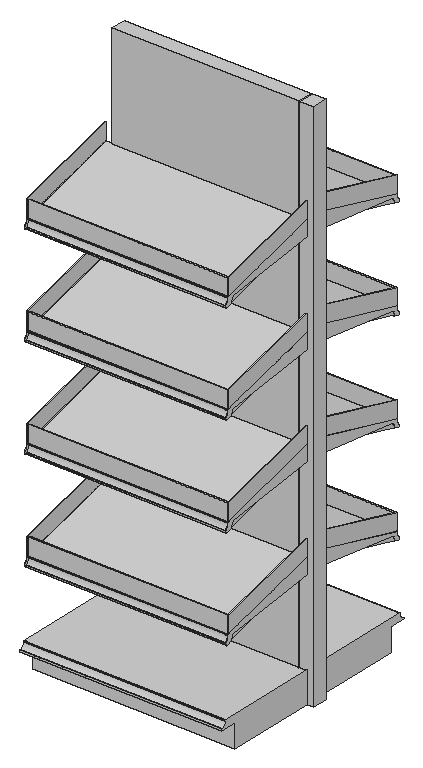
Revit family "ML6", category Specialty Equipment, Revit 2012 (continued)
Automatic sketch dimensions
  Extrusion 26 sketch curve to Extrusion 26 sketch curve = 0' - 2 31/32"  (x2)
  Extrusion 26 sketch curve to Extrusion 26 sketch curve = 0' - 0 1/32"
  Extrusion 26 sketch curve to Extrusion 26 sketch curve = 0' - 0.04102"
  Extrusion 26 sketch curve to Extrusion 26 sketch curve = 0' - 0.09188"
  Extrusion 26 sketch curve to Extrusion 26 sketch curve = 0' - 0.20046"
  Extrusion 26 sketch curve to Extrusion 26 sketch curve = 0' - 0.79782"
  Extrusion 26 sketch curve to plane 18 = 0' - 0 1/32"
  Extrusion 27 sketch curve to plane 21 = 0' - 0"  (x2)
  Extrusion 27 sketch curve to plane 4 = 0' - 0"  (x2)
  Extrusion 27 sketch curve to plane 18 = 0' - 0"
  plane 21 to Extrusion 27 sketch curve = 0' - 0.12074"
  Extrusion 27 sketch curve to Extrusion 27 sketch curve = 0' - 0.03235"  (x2)
  plane 11 to Extrusion 27 sketch curve = 0' - 0.12403"
  plane 11 to Extrusion 27 sketch curve = 0' - 0.05932"
  Extrusion 27 sketch curve to plane 11 = 0' - 1.22482"
  Extrusion 27 sketch curve to plane 21 = 0' - 0.37956"
  Extrusion 27 sketch curve to Extrusion 27 sketch curve = 0' - 0.0647"  (x2)
  Extrusion 27 sketch curve to plane 21 = 0' - 0.94224"
  Extrusion 27 sketch curve to Extrusion 27 sketch curve = 0' - 0.24148"
  Extrusion 27 sketch curve to Extrusion 27 sketch curve = 0' - 1.93185"
  plane 4 to Extrusion 27 sketch curve = 0' - 2.05259"
  Extrusion 27 sketch curve to plane 18 = 0' - 1.06763"
  Extrusion 27 sketch curve to plane 18 = 0' - 1.65007"
  Extrusion 27 sketch curve to Extrusion 27 sketch curve = 0' - 1.68237"
  Extrusion 27 sketch curve to Extrusion 27 sketch curve = 0' - 2.68282"
  Extrusion 27 sketch curve to Extrusion 27 sketch curve = 0' - 2 31/32"  (x2)
  Extrusion 27 sketch curve to Extrusion 27 sketch curve = 0' - 0 1/32"
  Extrusion 27 sketch curve to Extrusion 27 sketch curve = 0' - 0.04102"
  Extrusion 27 sketch curve to Extrusion 27 sketch curve = 0' - 0.09188"
  Extrusion 27 sketch curve to Extrusion 27 sketch curve = 0' - 0.20046"
  Extrusion 27 sketch curve to Extrusion 27 sketch curve = 0' - 0.79782"
  plane 18 to Extrusion 27 sketch curve = 0' - 0 1/32"
  Extrusion 28 sketch curve to plane 21 = 0' - 0"  (x2)
  Extrusion 28 sketch curve to plane 4 = 0' - 0"  (x2)
  plane 19 to Extrusion 28 sketch curve = 0' - 0"
  Extrusion 28 sketch curve to plane 21 = 0' - 0.12074"
  Extrusion 28 sketch curve to Extrusion 28 sketch curve = 0' - 0.03235"  (x2)
  Extrusion 28 sketch curve to plane 11 = 0' - 0.12403"
  Extrusion 28 sketch curve to plane 11 = 0' - 0.05932"
  plane 11 to Extrusion 28 sketch curve = 0' - 1.22482"
  plane 21 to Extrusion 28 sketch curve = 0' - 0.37956"
  Extrusion 28 sketch curve to Extrusion 28 sketch curve = 0' - 0.0647"  (x2)
  plane 21 to Extrusion 28 sketch curve = 0' - 0.94224"
  Extrusion 28 sketch curve to Extrusion 28 sketch curve = 0' - 0.24148"
  Extrusion 28 sketch curve to Extrusion 28 sketch curve = 0' - 1.93185"
  Extrusion 28 sketch curve to plane 4 = 0' - 2.05259"
  Extrusion 28 sketch curve to plane 19 = 0' - 1.06763"
  Extrusion 28 sketch curve to plane 19 = 0' - 1.65007"
  Extrusion 28 sketch curve to Extrusion 28 sketch curve = 0' - 1.68237"
  Extrusion 28 sketch curve to Extrusion 28 sketch curve = 0' - 2.68282"
  Extrusion 28 sketch curve to Extrusion 28 sketch curve = 0' - 2 31/32"  (x2)
  Extrusion 28 sketch curve to Extrusion 28 sketch curve = 0' - 0 1/32"
  Extrusion 28 sketch curve to Extrusion 28 sketch curve = 0' - 0.04102"
  Extrusion 28 sketch curve to Extrusion 28 sketch curve = 0' - 0.09188"
  Extrusion 28 sketch curve to Extrusion 28 sketch curve = 0' - 0.20046"
  Extrusion 28 sketch curve to Extrusion 28 sketch curve = 0' - 0.79782"
  plane 19 to Extrusion 28 sketch curve = 0' - 0 1/32"
  Extrusion 29 sketch curve to plane 21 = 0' - 0"  (x2)
  Extrusion 29 sketch curve to plane 4 = 0' - 0"  (x2)
  plane 19 to Extrusion 29 sketch curve = 0' - 0"
  plane 21 to Extrusion 29 sketch curve = 0' - 0.12074"
  Extrusion 29 sketch curve to Extrusion 29 sketch curve = 0' - 0.03235"  (x2)
  plane 11 to Extrusion 29 sketch curve = 0' - 0.12403"
  plane 11 to Extrusion 29 sketch curve = 0' - 0.05932"
  Extrusion 29 sketch curve to plane 11 = 0' - 1.22482"
  Extrusion 29 sketch curve to plane 21 = 0' - 0.37956"
  Extrusion 29 sketch curve to Extrusion 29 sketch curve = 0' - 0.0647"  (x2)
  Extrusion 29 sketch curve to plane 21 = 0' - 0.94224"
  Extrusion 29 sketch curve to Extrusion 29 sketch curve = 0' - 0.24148"
  Extrusion 29 sketch curve to Extrusion 29 sketch curve = 0' - 1.93185"
  plane 4 to Extrusion 29 sketch curve = 0' - 2.05259"
  plane 19 to Extrusion 29 sketch curve = 0' - 1.06763"
  plane 19 to Extrusion 29 sketch curve = 0' - 1.65007"
  Extrusion 29 sketch curve to Extrusion 29 sketch curve = 0' - 1.68237"
  Extrusion 29 sketch curve to Extrusion 29 sketch curve = 0' - 2.68282"
  Extrusion 29 sketch curve to Extrusion 29 sketch curve = 0' - 2 31/32"  (x2)
  Extrusion 29 sketch curve to Extrusion 29 sketch curve = 0' - 0 1/32"
  Extrusion 29 sketch curve to Extrusion 29 sketch curve = 0' - 0.04102"
  Extrusion 29 sketch curve to Extrusion 29 sketch curve = 0' - 0.09188"
  Extrusion 29 sketch curve to Extrusion 29 sketch curve = 0' - 0.20046"
  Extrusion 29 sketch curve to Extrusion 29 sketch curve = 0' - 0.79782"
  Extrusion 29 sketch curve to plane 19 = 0' - 0 1/32"
  plane 13 to Extrusion 1 sketch curve = 0' - 1 5/32"
  radius of Extrusion 7 sketch curve = 0' - 0 1/8"  (x2)
  radius of Extrusion 8 sketch curve = 0' - 0 1/8"  (x2)
  radius of Extrusion 16 sketch curve = 0' - 0 1/8"  (x2)
  radius of Extrusion 17 sketch curve = 0' - 0 1/8"  (x2)
  radius of Extrusion 18 sketch curve = 0' - 0 1/8"  (x2)
  radius of Extrusion 19 sketch curve = 0' - 0 1/8"  (x2)
  radius of Extrusion 20 sketch curve = 0' - 0 1/8"  (x2)
  radius of Extrusion 21 sketch curve = 0' - 0 1/8"  (x2)
  radius of Extrusion 22 sketch curve = 0' - 0 1/8"  (x2)
  radius of Extrusion 23 sketch curve = 0' - 0 1/8"  (x2)
  radius of Extrusion 24 sketch curve = 0' - 0 1/8"  (x2)
  radius of Extrusion 25 sketch curve = 0' - 0 1/8"  (x2)
  radius of Extrusion 26 sketch curve = 0' - 0 1/8"  (x2)
  radius of Extrusion 27 sketch curve = 0' - 0 1/8"  (x2)
  radius of Extrusion 28 sketch curve = 0' - 0 1/8"  (x2)
  radius of Extrusion 29 sketch curve = 0' - 0 1/8"  (x2)
